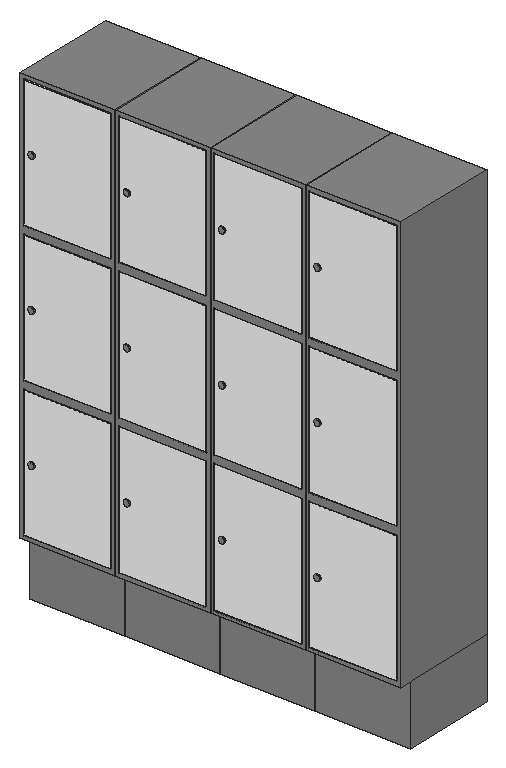
Revit family
Parameters
  Plinth Setback = 50 mm
  Plinth Height = 250 mm
  No of Lockers [instance] = 4
  Material Lockers = Paint - Grey
  Material Doors = Paint - White
  Lockers Depth = 450 mm
  Locker Width = 400 mm
  Locker Height = 1750 mm
  Keynote = "N"
Reference planes
  plane 1 "Center (Front/Back)": y = 0
  plane 2: z = 0
  plane 3 "Center (Left/Right)": x = 0
  plane 4: x = 400
Dimensions and locks
  "Locker Width": plane 4 to plane 3 "Center (Left/Right)"
  equal spacing: group 1, group 2, group 3, group 4  (x3)
  aligned and locked: plane 1 "Center (Front/Back)" to nested 1
  aligned and locked: plane 3 "Center (Left/Right)" to nested 1
  aligned and locked: plane 4 to nested 2
Nested families
  nested 1: "Lockers x 3" at (154.179, -600, 0), Width <- "Locker Width", Locker Height <- "Locker Height", Depth <- "Lockers Depth", Plinth Setback <- "Plinth Setback", Plinth Height <- "Plinth Height", type "Lockers x 3"
    with Width 400 mm, Plinth Setback 50 mm, Plinth Height 250 mm, Locker Height 1750 mm, Depth 450 mm
  nested 2: "Lockers x 3" at (554.179, -600, 0), Width <- "Locker Width", Locker Height <- "Locker Height", Depth <- "Lockers Depth", Plinth Setback <- "Plinth Setback", Plinth Height <- "Plinth Height", type "Lockers x 3"
    with Width 400 mm, Plinth Setback 50 mm, Plinth Height 250 mm, Locker Height 1750 mm, Depth 450 mm
  nested 3: "Lockers x 3" at (954.179, -600, 0), Width <- "Locker Width", Locker Height <- "Locker Height", Depth <- "Lockers Depth", Plinth Setback <- "Plinth Setback", Plinth Height <- "Plinth Height", type "Lockers x 3"
    with Width 400 mm, Plinth Setback 50 mm, Plinth Height 250 mm, Locker Height 1750 mm, Depth 450 mm
  nested 4: "Lockers x 3" at (1354.179, -600, 0), Width <- "Locker Width", Locker Height <- "Locker Height", Depth <- "Lockers Depth", Plinth Setback <- "Plinth Setback", Plinth Height <- "Plinth Height", type "Lockers x 3"
    with Width 400 mm, Plinth Setback 50 mm, Plinth Height 250 mm, Locker Height 1750 mm, Depth 450 mm
Definition of nested family "Lockers x 3"
  Parameters
    Width [instance] = 300 mm
    Vis Ironmongery = yes
    Plinth Setback [instance] = 50 mm
    Plinth Height [instance] = 250 mm
    Material Plinth = Paint - Grey
    Material Locker = Paint - Grey
    Material Door = Paint - White
    Locker Height [instance] = 1775 mm
    Keynote = "N"
    Depth [instance] = 450 mm
  Reference planes
    plane 1 "Center (Front/Back)": y = 150
    plane 2: z = 0
    plane 3 "Center (Left/Right)": x = -154.179
    plane 4: y = 600
    plane 5: x = -304.179
    plane 6: x = -4.179
    plane 7: z = 250
    plane 8: z = 2025
    plane 9: z = 2010
    plane 10: z = 265
    plane 11: x = -289.179
    plane 12: x = -19.179
    plane 13: z = 1448.333
    plane 14: z = 1433.333
    plane 15: z = 1418.333
    plane 16: z = 856.667
    plane 17: z = 841.667
    plane 18: z = 826.667
    plane 19: x = -44.179
    plane 20: x = -94.179
    plane 21: z = 1729.167
  Forms (mm)
    Extrusion 1, solid, material "Paint - Grey" <- "Material Plinth"
      sketch origin (0, 0, 0) x (1, 0, 0) y (0, 1, 0)
        loop
          line (-304.179, 600) -> (-304.179, 200) -> (-4.179, 200) -> (-4.179, 600) -> (-304.179, 600)
      from 0 to 250
    Extrusion 2, solid, material "Paint - Grey" <- "Material Locker"
      sketch origin (-154.179, 0, 0) x (0, 1, 0) y (0, 0, 1)
        loop
          line (150, 2025) -> (150, 250) -> (600, 250) -> (600, 2025) -> (150, 2025)
      from -150 to 150
    Extrusion 3, void
      sketch origin (-4.179, 150, 2025) x (1, 0, 0) y (0, 0, -1)
        loop
          line (-285, 1760) -> (-285, 1198.333) -> (-15, 1198.333) -> (-15, 1760) -> (-285, 1760)
        loop
          line (-285, 1168.333) -> (-285, 606.667) -> (-15, 606.667) -> (-15, 1168.333) -> (-285, 1168.333)
        loop
          line (-285, 576.667) -> (-285, 15) -> (-15, 15) -> (-15, 576.667) -> (-285, 576.667)
      from 0 to 435
    Extrusion 4, solid, material "Paint - White" <- "Material Door"
      sketch origin (-4.179, 150, 2025) x (-1, 0, 0) y (0, 0, -1)
        loop
          line (282, 18) -> (282, 573.667) -> (18, 573.667) -> (18, 18) -> (282, 18)
        loop
          line (282, 609.667) -> (282, 1165.333) -> (18, 1165.333) -> (18, 609.667) -> (282, 609.667)
        loop
          line (282, 1201.333) -> (282, 1757) -> (18, 1757) -> (18, 1201.333) -> (282, 1201.333)
      from -15 to 0
    Extrusion 5, solid, material "Paint - Grey" <- "Material Locker", visible <- "Vis Ironmongery"
      sketch origin (0, 150, 0) x (1, 0, 0) y (0, 0, 1)
        loop
          circle (-254.179, 1729.167) r 12.5
        loop
          circle (-254.179, 1137.5) r 12.5
        loop
          circle (-254.179, 545.833) r 12.5
      from 0 to 3
  Cuts and joins
    Extrusion 3 cuts Extrusion 1
    Extrusion 3 cuts Extrusion 2
  Lines and regions (mm)
    Masking region 1
      outline origin (0, 0, 0) x (1, 0, 0) y (0, 1, 0)
        loop
          line (-304.179, 600) -> (-304.179, 150) -> (-4.179, 150) -> (-4.179, 600) -> (-304.179, 600)
    model lines, style "InvisibleLines"
      curve 1: line (-154.179, 150, 2025) -> (-154.179, 600, 2025)
    symbolic lines
      curve 2: line (-304.179, 150, 0) -> (-304.179, 600, 0)
      curve 3: line (-304.179, 150, 0) -> (-4.179, 150, 0)
      curve 4: line (-4.179, 150, 0) -> (-4.179, 600, 0)
      curve 5: line (-4.179, 600, 0) -> (-304.179, 600, 0)
    symbolic lines, visible <- "Vis Ironmongery"
      curve 6: line (-266.679, 147, 0) -> (-241.679, 147, 0)
    symbolic lines, style "Hidden Lines", detail levels fine
      curve 7: line (-304.179, 200, 0) -> (-4.179, 200, 0)
  Dimensions and locks
    equal spacing: plane 5, plane 3 "Center (Left/Right)", plane 6
    "Width": plane 5 to plane 6
    "Depth": plane 1 "Center (Front/Back)" to plane 4
    "Locker Height": plane 8 to plane 7
    "Plinth Height": plane 7 to level
    locked: plane 8 to plane 9 at 15
    locked: plane 10 to plane 7 at 15
    locked: plane 5 to plane 11 at 15
    locked: plane 12 to plane 6 at 15
    equal spacing: plane 8, plane 14, plane 17, plane 7
    "Plinth Setback": plane 1 "Center (Front/Back)" to cut or joined group of Extrusion 1, Extrusion 3
    locked: plane 11 to Extrusion 5 sketch curve at 35  (x3)
    equal spacing: plane 8, Extrusion 5 sketch curve, plane 14
    equal spacing: plane 14, Extrusion 5 sketch curve, plane 17
    equal spacing: plane 17, Extrusion 5 sketch curve, plane 7
    equal spacing: plane 13, plane 14, plane 15, locked at 15 each
    equal spacing: plane 16, plane 17, plane 18, locked at 15 each
    locked: plane 16 to plane 18 at 30
    locked: plane 13 to plane 15 at 30
    aligned and locked: Extrusion 1 to plane 7
    aligned and locked: Extrusion 1 to level
    aligned and locked: Extrusion 2 sketch curve to curve 1
    aligned and locked: plane 5 to Extrusion 2
    aligned and locked: Extrusion 2 to plane 6
    aligned and locked: curve 2 to cut or joined group of Extrusion 2, Extrusion 3
    aligned and locked: curve 3 to cut or joined group of Extrusion 2, Extrusion 3
    aligned and locked: curve 4 to cut or joined group of Extrusion 2, Extrusion 3
    aligned and locked: curve 5 to cut or joined group of Extrusion 2, Extrusion 3
    aligned and locked: curve 6 to Extrusion 5
    aligned and locked: curve 7 to cut or joined group of Extrusion 1, Extrusion 3
    aligned: plane 5 to Masking region 1 sketch curve
    aligned: plane 1 "Center (Front/Back)" to Masking region 1 sketch curve
  Automatic sketch dimensions
    Extrusion 1 sketch curve to plane 1 "Center (Front/Back)" = 50 mm
    Extrusion 1 sketch curve to plane 5 = 0 mm
    Extrusion 1 sketch curve to plane 6 = 0 mm
    Extrusion 1 sketch curve to plane 4 = 0 mm
    curve 1 to plane 1 "Center (Front/Back)" = 0 mm
    curve 1 to plane 4 = 0 mm
    curve 1 to plane 8 = 0 mm
    Extrusion 2 sketch curve to plane 1 "Center (Front/Back)" = 0 mm
    Extrusion 2 sketch curve to plane 4 = 0 mm
    Extrusion 2 sketch curve to plane 7 = 0 mm
    Extrusion 3 sketch curve to plane 10 = 0 mm
    Extrusion 3 sketch curve to plane 11 = 0 mm  (x3)
    Extrusion 3 sketch curve to plane 12 = 0 mm  (x3)
    Extrusion 3 sketch curve to plane 9 = 0 mm
    Extrusion 3 sketch curve to plane 13 = 0 mm
    Extrusion 3 sketch curve to plane 15 = 0 mm
    Extrusion 3 sketch curve to plane 16 = 0 mm
    Extrusion 3 sketch curve to plane 18 = 0 mm
    Extrusion 4 sketch curve to plane 12 = 3 mm  (x3)
    Extrusion 4 sketch curve to plane 11 = 3 mm  (x3)
    plane 9 to Extrusion 4 sketch curve = 3 mm
    Extrusion 4 sketch curve to plane 13 = 3 mm
    plane 15 to Extrusion 4 sketch curve = 3 mm
    Extrusion 4 sketch curve to plane 16 = 3 mm
    plane 18 to Extrusion 4 sketch curve = 3 mm
    Extrusion 4 sketch curve to plane 10 = 3 mm
    curve 2 to plane 4 = 0 mm
    curve 2 to plane 5 = 0 mm
    curve 3 to plane 1 "Center (Front/Back)" = 0 mm
    curve 3 to plane 6 = 0 mm
    plane 1 "Center (Front/Back)" to curve 6 = 3 mm
    curve 6 to plane 11 = 22.5 mm
    curve 6 to curve 6 = 25 mm
    curve 7 to plane 1 "Center (Front/Back)" = 50 mm
    Masking region 1 sketch curve to plane 1 "Center (Front/Back)" = 0 mm
    Masking region 1 sketch curve to plane 5 = 0 mm
    Masking region 1 sketch curve to plane 6 = 0 mm
    Masking region 1 sketch curve to plane 4 = 0 mm
    radius of Extrusion 5 sketch curve = 12.5 mm  (x3)
